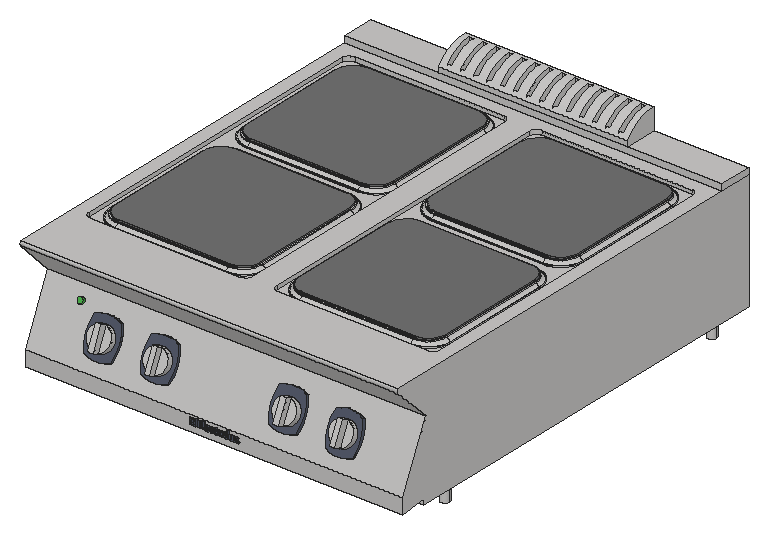
Revit family "QF_ELECTROLUXPROFESSIONAL_391040_E9ECEH4Q00", category Specialty Equipment, Revit 2018
Family settings
  Round Connector Dimension = Use Diameter
  Part Type = Normal
  Work Plane-Based = No
  Always vertical = Yes
  Cut with Voids When Loaded = No
  Shared = No
  Room Calculation Point = No
Parameters
  Width = 800 mm  # constant formula
  Weight in Pounds = 69  # constant formula
  Watts = 16000 VA  # 16000 W
  Volts = 400 V  # constant formula
  URL Cutsheet = "www.electrolux.com/foodservice"
  URL = "www.electrolux.com/foodservice"
  Type Mark [instance] = ""
  Status [instance] = ""
  Specification by User [instance] = ""
  Specification by Manufacturer = ""
  Show Logo [instance] = yes
  Show Clearance [instance] = yes
  Serial Number = ""
  Seismic Rating = ""
  SMACNA No = ""
  Revision Code [instance] = ""
  Phase = 3  # constant formula
  Omniclass Number and Title = ""
  Number of Poles [instance] = 1
  NAFEM Spec ID Number = ""
  Model = "391040"
  Min Ckt Ampacity = 0 A
  Max Overcurrent Protection = 0 A
  Masterspec = ""
  Manufacturer = "ELECTROLUX"
  Item Number [instance] = ""
  Installed By [instance] = ""
  Identify Quantity as Lot [instance] = yes
  Height = 333 mm  # constant formula
  HP = "21.5 HP"
  Furnished By [instance] = ""
  Foodservice Equipment Identifier [instance] = yes
  FL Amps = if(Phase = 3, Watts / (Volts * 1.73), Watts / Volts)  # 23.1214 A
  Electrical Remarks [instance] = "400 V/3N ph/50/60 Hz"  # constant formula
  Electric Connection Type [instance] = ""
  Elec Conn RI Height [instance] = 0 mm
  Elec Conn Connection Height [instance] = 0 mm
  Direct Waste Size = 0"
  Description = "900XP 4 ELECTRIC HOT BOILING TOP PLATES 4kW -400V"
  Depth = 930 mm  # constant formula
  Cycle = if([60 Hertz Option], 60 Hz, 50 Hz)  # 60 Hz
  Conn Plug = ""
  Conn Conduit = yes
  CSI MasterFormat = ""
  CSI Master Format = ""
  Base Height [instance] = 24 mm  # constant formula
  Apparent Power = if(Phase = 3, Volts * FL Amps * 1.73, Volts * FL Amps)  # 16000 VA
  60 Hertz Option = not([50 Hertz Option])  # yes
  50 Hertz Option = no
Reference planes
  plane 1 "BACK": y = 0
  plane 2: z = 0
  plane 3 "LEFT": x = 0
  plane 4 "RIGHT": x = 800
  plane 5 "FRONT": y = -930
  plane 6 "TOP": z = 333
  plane 7 "Center Y": x = 400
  plane 8 "Center X": y = -465
  plane 9 "BASE": z = 24
  plane 10 "TOP A": z = 275
  plane 11: y = -790
  plane 12: y = -915
  plane 13: y = -82
  plane 14: y = -609
  plane 15: y = -583
Forms (mm)
  Extrusion 1, solid, material "QF_Finishes_Stainless Steel"
    sketch origin (0, 0, 0) x (0, 1, 0) y (0, 0, 1)
      loop
        line (0, 275) -> (-928.041, 275)
        arc (-928.041, 275) -> (-929.999, 270.526) -> (-928.201, 265.985) r 6.35
        line (-928.201, 265.985) -> (-856.039, 191.809) -> (-915, 63.041) -> (-915, 30.789) -> (-859.023, 36.7) -> (-859.023, 24) -> (0, 24) -> (0, 275)
    from 0 to 800
  Extrusion 2, void
    sketch origin (0, -198.623, 273.238) x (-1, 0, 0) y (0, -1, 0)
      loop
        arc (-42.5, -101.089) -> (-31.893, -96.696) -> (-27.5, -86.089) r 15
        line (-27.5, -86.089) -> (-27.5, 583.262)
        arc (-27.5, 583.262) -> (-31.893, 593.868) -> (-42.5, 598.262) r 15
        line (-42.5, 598.262) -> (-359.751, 598.262)
        arc (-359.751, 598.262) -> (-370.358, 593.868) -> (-374.751, 583.262) r 15
        line (-374.751, 583.262) -> (-374.751, -86.089)
        arc (-374.751, -86.089) -> (-370.358, -96.696) -> (-359.751, -101.089) r 15
        line (-359.751, -101.089) -> (-42.5, -101.089)
      loop
        line (-757.5, -101.089) -> (-440.249, -101.089)
        arc (-440.249, -101.089) -> (-429.642, -96.696) -> (-425.249, -86.089) r 15
        line (-425.249, -86.089) -> (-425.249, 583.262)
        arc (-425.249, 583.262) -> (-429.642, 593.868) -> (-440.249, 598.262) r 15
        line (-440.249, 598.262) -> (-757.5, 598.262)
        arc (-757.5, 598.262) -> (-768.107, 593.868) -> (-772.5, 583.262) r 15
        line (-772.5, 583.262) -> (-772.5, -86.089)
        arc (-772.5, -86.089) -> (-768.107, -96.696) -> (-757.5, -101.089) r 15
    from 1.763 to -6.35
  Extrusion 3, solid, material "QF_Finishes_Stainless Steel"
    sketch origin (0, -198.623, 0) x (1, 0, 0) y (0, 1, 0)
      loop
        circle (11.112, 116.623) r 9.525
      loop
        circle (11.112, -591.377) r 9.525
      loop
        circle (788.887, 116.623) r 9.525
      loop
        circle (788.888, -591.377) r 9.525
    from 0 to 24
  Extrusion 4, solid, material "QF_Clearances", visible <- "Show Clearance", detail levels coarse
    sketch origin (0, -198.623, 0) x (1, 0, 0) y (0, 1, 0)
      loop
        line (0, -731.377) -> (0, 198.623) -> (800, 198.623) -> (800, -731.377) -> (900.019, -731.377) -> (900.019, 298.642) -> (-100.019, 298.642) -> (-100.019, -731.377) -> (0, -731.377)
    from 0 to 333
  Extrusion 5, solid, material "QF_Finishes_Stainless Steel"
    sketch origin (0, -198.623, 266.888) x (-1, 0, 0) y (0, -1, 0)
      loop
        arc (-86.725, 266.377) -> (-58.441, 278.092) -> (-46.725, 306.377) r 40
        line (-46.725, 306.377) -> (-46.725, 541.377)
        arc (-46.725, 541.377) -> (-58.441, 569.661) -> (-86.725, 581.377) r 40
        line (-86.725, 581.377) -> (-321.725, 581.377)
        arc (-321.725, 581.377) -> (-350.009, 569.661) -> (-361.725, 541.377) r 40
        line (-361.725, 541.377) -> (-361.725, 306.377)
        arc (-361.725, 306.377) -> (-350.009, 278.092) -> (-321.725, 266.377) r 40
        line (-321.725, 266.377) -> (-86.725, 266.377)
      loop
        line (-86.725, 230.796) -> (-321.725, 230.796)
        arc (-321.725, 230.796) -> (-350.009, 219.08) -> (-361.725, 190.796) r 40
        line (-361.725, 190.796) -> (-361.725, -44.204)
        arc (-361.725, -44.204) -> (-350.009, -72.488) -> (-321.725, -84.204) r 40
        line (-321.725, -84.204) -> (-86.725, -84.204)
        arc (-86.725, -84.204) -> (-58.441, -72.488) -> (-46.725, -44.204) r 40
        line (-46.725, -44.204) -> (-46.725, 190.796)
        arc (-46.725, 190.796) -> (-58.441, 219.08) -> (-86.725, 230.796) r 40
      loop
        line (-713.275, 266.377) -> (-478.275, 266.377)
        arc (-478.275, 266.377) -> (-449.991, 278.092) -> (-438.275, 306.377) r 40
        line (-438.275, 306.377) -> (-438.275, 541.377)
        arc (-438.275, 541.377) -> (-449.991, 569.661) -> (-478.275, 581.377) r 40
        line (-478.275, 581.377) -> (-713.275, 581.377)
        arc (-713.275, 581.377) -> (-741.559, 569.661) -> (-753.275, 541.377) r 40
        line (-753.275, 541.377) -> (-753.275, 306.377)
        arc (-753.275, 306.377) -> (-741.559, 278.092) -> (-713.275, 266.377) r 40
      loop
        arc (-713.275, 230.796) -> (-741.559, 219.08) -> (-753.275, 190.796) r 40
        line (-753.275, 190.796) -> (-753.275, -44.204)
        arc (-753.275, -44.204) -> (-741.559, -72.488) -> (-713.275, -84.204) r 40
        line (-713.275, -84.204) -> (-478.275, -84.204)
        arc (-478.275, -84.204) -> (-449.991, -72.488) -> (-438.275, -44.204) r 40
        line (-438.275, -44.204) -> (-438.275, 190.796)
        arc (-438.275, 190.796) -> (-449.991, 219.08) -> (-478.275, 230.796) r 40
        line (-478.275, 230.796) -> (-713.275, 230.796)
    from 0 to 10
  Sweep 6, solid, material "QF_Finishes_Stainless Steel"
    path origin (0, -198.623, 276.888) x (-1, 0, 0) y (0, -1, 0)
      loop
        line (-46.725, 306.377) -> (-46.725, 541.377)
        arc (-46.725, 541.377) -> (-58.441, 569.661) -> (-86.725, 581.377) r 40
        line (-86.725, 581.377) -> (-321.725, 581.377)
        arc (-321.725, 581.377) -> (-350.009, 569.661) -> (-361.725, 541.377) r 40
        line (-361.725, 541.377) -> (-361.725, 306.377)
        arc (-361.725, 306.377) -> (-350.009, 278.092) -> (-321.725, 266.377) r 40
        line (-321.725, 266.377) -> (-86.725, 266.377)
        arc (-86.725, 266.377) -> (-58.441, 278.092) -> (-46.725, 306.377) r 40
    profile origin (46.725, -622.5, 276.888) x (1, 0, 0) y (0, 0, 1)
      loop
        arc (0, -1.759) -> (-2.638, -5.472) -> (-6.35, -8.109) r 13.651
        line (-6.35, -8.109) -> (-8.064, -8.109) -> (-8.064, -10) -> (0, -10) -> (0, -1.759)
  Sweep 7, solid, material "QF_Finishes_Stainless Steel"
    path origin (0, 151.957, 276.888) x (-1, 0, 0) y (0, -1, 0)
      loop
        line (-46.725, 306.377) -> (-46.725, 541.377)
        arc (-46.725, 541.377) -> (-58.441, 569.661) -> (-86.725, 581.377) r 40
        line (-86.725, 581.377) -> (-321.725, 581.377)
        arc (-321.725, 581.377) -> (-350.009, 569.661) -> (-361.725, 541.377) r 40
        line (-361.725, 541.377) -> (-361.725, 306.377)
        arc (-361.725, 306.377) -> (-350.009, 278.092) -> (-321.725, 266.377) r 40
        line (-321.725, 266.377) -> (-86.725, 266.377)
        arc (-86.725, 266.377) -> (-58.441, 278.092) -> (-46.725, 306.377) r 40
    profile origin (46.725, -271.919, 276.888) x (1, 0, 0) y (0, 0, 1)
      loop
        arc (0, -1.759) -> (-2.638, -5.472) -> (-6.35, -8.109) r 13.651
        line (-6.35, -8.109) -> (-8.064, -8.109) -> (-8.064, -10) -> (0, -10) -> (0, -1.759)
  Extrusion 8, solid, material "QF_Finishes_Rubber Black"
    sketch origin (0, -198.623, 276.888) x (-1, 0, 0) y (0, -1, 0)
      loop
        arc (-49.725, 190.796) -> (-60.562, 216.959) -> (-86.725, 227.796) r 37
        line (-86.725, 227.796) -> (-321.725, 227.796)
        arc (-321.725, 227.796) -> (-347.888, 216.959) -> (-358.725, 190.796) r 37
        line (-358.725, 190.796) -> (-358.725, -44.204)
        arc (-358.725, -44.204) -> (-347.888, -70.367) -> (-321.725, -81.204) r 37
        line (-321.725, -81.204) -> (-86.725, -81.204)
        arc (-86.725, -81.204) -> (-60.562, -70.367) -> (-49.725, -44.204) r 37
        line (-49.725, -44.204) -> (-49.725, 190.796)
      loop
        arc (-86.725, 269.377) -> (-60.562, 280.214) -> (-49.725, 306.377) r 37
        line (-49.725, 306.377) -> (-49.725, 541.377)
        arc (-49.725, 541.377) -> (-60.562, 567.54) -> (-86.725, 578.377) r 37
        line (-86.725, 578.377) -> (-321.725, 578.377)
        arc (-321.725, 578.377) -> (-347.888, 567.54) -> (-358.725, 541.377) r 37
        line (-358.725, 541.377) -> (-358.725, 306.377)
        arc (-358.725, 306.377) -> (-347.888, 280.214) -> (-321.725, 269.377) r 37
        line (-321.725, 269.377) -> (-86.725, 269.377)
      loop
        line (-750.275, 190.796) -> (-750.275, -44.204)
        arc (-750.275, -44.204) -> (-739.438, -70.367) -> (-713.275, -81.204) r 37
        line (-713.275, -81.204) -> (-478.275, -81.204)
        arc (-478.275, -81.204) -> (-452.112, -70.367) -> (-441.275, -44.204) r 37
        line (-441.275, -44.204) -> (-441.275, 190.796)
        arc (-441.275, 190.796) -> (-452.112, 216.959) -> (-478.275, 227.796) r 37
        line (-478.275, 227.796) -> (-713.275, 227.796)
        arc (-713.275, 227.796) -> (-739.438, 216.959) -> (-750.275, 190.796) r 37
      loop
        line (-713.275, 269.377) -> (-478.275, 269.377)
        arc (-478.275, 269.377) -> (-452.112, 280.214) -> (-441.275, 306.377) r 37
        line (-441.275, 306.377) -> (-441.275, 541.377)
        arc (-441.275, 541.377) -> (-452.112, 567.54) -> (-478.275, 578.377) r 37
        line (-478.275, 578.377) -> (-713.275, 578.377)
        arc (-713.275, 578.377) -> (-739.438, 567.54) -> (-750.275, 541.377) r 37
        line (-750.275, 541.377) -> (-750.275, 306.377)
        arc (-750.275, 306.377) -> (-739.438, 280.214) -> (-713.275, 269.377) r 37
    from 0 to 2
  Extrusion 9, solid, material "QF_Finishes_Green"
    sketch origin (0, -915, 63.041) x (0, 0.416318, 0.909219) y (-1, 0, 0)
      loop
        circle (111.946, -80.648) r 6.35
    from 0 to 3.175
  Extrusion 10, solid, material "QF_Finishes_Stainless Steel"
    sketch origin (-24.783, -926.544, 74) x (0, 0.421077, 0.907025) y (-1, 0, 0)
      loop
        arc (85.433, -567.049) -> (86.101, -561.263) -> (85.433, -555.477) r 25.4
        line (85.433, -555.477) -> (35.969, -555.477)
        arc (35.969, -555.477) -> (35.301, -561.263) -> (35.969, -567.049) r 25.4
        line (35.969, -567.049) -> (85.433, -567.049)
      loop
        arc (85.433, -687.049) -> (86.101, -681.263) -> (85.433, -675.477) r 25.4
        line (85.433, -675.477) -> (35.969, -675.477)
        arc (35.969, -675.477) -> (35.301, -681.263) -> (35.969, -687.049) r 25.4
        line (35.969, -687.049) -> (85.433, -687.049)
      loop
        line (85.433, -282.517) -> (35.969, -282.517)
        arc (35.969, -282.517) -> (35.301, -288.303) -> (35.969, -294.089) r 25.4
        line (35.969, -294.089) -> (85.433, -294.089)
        arc (85.433, -294.089) -> (86.101, -288.303) -> (85.433, -282.517) r 25.4
      loop
        line (85.433, -162.517) -> (35.969, -162.517)
        arc (35.969, -162.517) -> (35.301, -168.303) -> (35.969, -174.089) r 25.4
        line (35.969, -174.089) -> (85.433, -174.089)
        arc (85.433, -174.089) -> (86.101, -168.303) -> (85.433, -162.517) r 25.4
    from 0 to 12.7
  Extrusion 11, solid, material "QF_Finishes_Stainless Steel"
    sketch origin (417.5, -915.025, 66.777) x (0, 0.421077, 0.907025) y (-1, 0, 0)
      loop
        circle (62.576, -119.037) r 25.4
      loop
        circle (62.576, -239.037) r 25.4
      loop
        circle (62.576, 154.037) r 25.4
      loop
        circle (62.576, 274.037) r 25.4
    from 0 to 12.7
  Extrusion 12, solid, material "QF_Finishes_Stainless Steel"
    sketch origin (0, -300.223, 24) x (-1, 0, 0) y (0, 1, 0)
      loop
        circle (-649, -308.777) r 12.7
    from 0 to 12.7
  Extrusion 13, solid, material "QF_Finishes_Stainless Steel"
    sketch origin (0, -300.223, 24) x (-1, 0, 0) y (0, 1, 0)
      loop
        circle (-739, -282.777) r 12.7
    from 0 to 12.7
  Extrusion 14, solid, material "QF_Finishes_Navy Blue - Electrolux"
    sketch origin (0, -915, 63.041) x (0, 0.416318, 0.909219) y (-1, 0, 0)
      loop
        arc (103.364, -507.24) -> (68.487, -500.223) -> (33.619, -507.285) r 89.894
        arc (33.619, -507.285) -> (26.924, -535.815) -> (33.619, -564.346) r 64.14
        arc (33.619, -564.346) -> (68.487, -571.411) -> (103.364, -564.39) r 89.853
        arc (103.364, -564.39) -> (110.078, -535.815) -> (103.364, -507.24) r 64.16
      loop
        arc (100.864, -627.597) -> (65.987, -620.58) -> (31.119, -627.641) r 89.894
        arc (31.119, -627.641) -> (24.424, -656.172) -> (31.119, -684.703) r 64.14
        arc (31.119, -684.703) -> (65.987, -691.768) -> (100.864, -684.747) r 89.853
        arc (100.864, -684.747) -> (107.578, -656.172) -> (100.864, -627.597) r 64.16
      loop
        arc (103.364, -292.76) -> (110.078, -264.185) -> (103.364, -235.61) r 64.16
        arc (103.364, -235.61) -> (68.487, -228.589) -> (33.619, -235.654) r 89.853
        arc (33.619, -235.654) -> (26.924, -264.185) -> (33.619, -292.715) r 64.14
        arc (33.619, -292.715) -> (68.487, -299.777) -> (103.364, -292.76) r 89.894
      loop
        arc (100.864, -172.403) -> (107.578, -143.828) -> (100.864, -115.253) r 64.16
        arc (100.864, -115.253) -> (65.987, -108.232) -> (31.119, -115.297) r 89.853
        arc (31.119, -115.297) -> (24.424, -143.828) -> (31.119, -172.359) r 64.14
        arc (31.119, -172.359) -> (65.987, -179.42) -> (100.864, -172.403) r 89.894
    from 0 to 4
  Extrusion 15, solid, material "QF_Finishes_Stainless Steel"
    sketch origin (200, 0, 0) x (0, 1, 0) y (0, 0, 1)
      loop
        line (0, 287.778) -> (0, 333.762)
        arc (0, 333.762) -> (-38.885, 325.372) -> (-69.85, 300.4) r 86.116
        line (-69.85, 300.4) -> (-69.85, 287.778) -> (0, 287.778)
    from 0 to 400
  Extrusion 16, void
    sketch origin (200, 0, 273.237) x (-1, 0, 0) y (0, -1, 0)
      loop
        line (-13.453, 6.761) -> (-13.453, 63.911) -> (-22.749, 63.911) -> (-22.749, 6.761) -> (-13.453, 6.761)
    from 25.4 to 63.5
  Extrusion 17, void
    sketch origin (600.05, 0, 273.237) x (1, 0, 0) y (0, 1, 0)
      loop
        line (-13.503, -6.761) -> (-22.799, -6.761) -> (-22.799, -63.911) -> (-13.503, -63.911) -> (-13.503, -6.761)
    from 25.4 to 63.5
  Extrusion 18, void
    sketch origin (227.988, 0, 273.237) x (-1, 0, 0) y (0, -1, 0)
      loop
        line (-13.453, 6.761) -> (-13.453, 63.911) -> (-22.749, 63.911) -> (-22.749, 6.761) -> (-13.453, 6.761)
    from 25.4 to 63.5
  Extrusion 19, void
    sketch origin (255.977, 0, 273.237) x (-1, 0, 0) y (0, -1, 0)
      loop
        line (-13.453, 6.761) -> (-13.453, 63.911) -> (-22.749, 63.911) -> (-22.749, 6.761) -> (-13.453, 6.761)
    from 25.4 to 63.5
  Extrusion 20, void
    sketch origin (283.965, 0, 273.237) x (-1, 0, 0) y (0, -1, 0)
      loop
        line (-13.428, 6.761) -> (-13.428, 63.911) -> (-22.724, 63.911) -> (-22.724, 6.761) -> (-13.428, 6.761)
    from 25.4 to 63.5
  Extrusion 21, void
    sketch origin (311.953, 0, 273.237) x (-1, 0, 0) y (0, -1, 0)
      loop
        line (-13.428, 6.761) -> (-13.428, 63.911) -> (-22.724, 63.911) -> (-22.724, 6.761) -> (-13.428, 6.761)
    from 25.4 to 63.5
  Extrusion 22, void
    sketch origin (339.942, 0, 273.237) x (-1, 0, 0) y (0, -1, 0)
      loop
        line (-13.428, 6.761) -> (-13.428, 63.911) -> (-22.724, 63.911) -> (-22.724, 6.761) -> (-13.428, 6.761)
    from 25.4 to 63.5
  Extrusion 23, void
    sketch origin (367.93, 0, 273.237) x (-1, 0, 0) y (0, -1, 0)
      loop
        line (-13.428, 6.761) -> (-13.428, 63.911) -> (-22.724, 63.911) -> (-22.724, 6.761) -> (-13.428, 6.761)
    from 25.4 to 63.5
  Extrusion 24, void
    sketch origin (395.918, 0, 273.237) x (-1, 0, 0) y (0, -1, 0)
      loop
        line (-13.428, 6.761) -> (-13.428, 63.911) -> (-22.724, 63.911) -> (-22.724, 6.761) -> (-13.428, 6.761)
    from 25.4 to 63.5
  Extrusion 25, void
    sketch origin (423.907, 0, 273.237) x (-1, 0, 0) y (0, -1, 0)
      loop
        line (-13.428, 6.761) -> (-13.428, 63.911) -> (-22.724, 63.911) -> (-22.724, 6.761) -> (-13.428, 6.761)
    from 25.4 to 63.5
  Extrusion 26, void
    sketch origin (451.895, 0, 273.237) x (-1, 0, 0) y (0, -1, 0)
      loop
        line (-13.428, 6.761) -> (-13.428, 63.911) -> (-22.724, 63.911) -> (-22.724, 6.761) -> (-13.428, 6.761)
    from 25.4 to 63.5
  Extrusion 27, void
    sketch origin (479.884, 0, 273.237) x (-1, 0, 0) y (0, -1, 0)
      loop
        line (-13.403, 6.761) -> (-13.403, 63.911) -> (-22.699, 63.911) -> (-22.699, 6.761) -> (-13.403, 6.761)
    from 25.4 to 63.5
  Extrusion 28, void
    sketch origin (507.872, 0, 273.237) x (-1, 0, 0) y (0, -1, 0)
      loop
        line (-13.403, 6.761) -> (-13.403, 63.911) -> (-22.699, 63.911) -> (-22.699, 6.761) -> (-13.403, 6.761)
    from 25.4 to 63.5
  Extrusion 29, void
    sketch origin (535.86, 0, 273.237) x (-1, 0, 0) y (0, -1, 0)
      loop
        line (-13.403, 6.761) -> (-13.403, 63.911) -> (-22.699, 63.911) -> (-22.699, 6.761) -> (-13.403, 6.761)
    from 25.4 to 63.5
  Sweep 30, solid, material "QF_Finishes_Stainless Steel"
    path origin (800, -198.623, 276.887) x (1, 0, 0) y (0, 1, 0)
      loop
        arc (-46.725, -306.377) -> (-58.441, -278.092) -> (-86.725, -266.377) r 40
        line (-86.725, -266.377) -> (-321.725, -266.377)
        arc (-321.725, -266.377) -> (-350.009, -278.092) -> (-361.725, -306.377) r 40
        line (-361.725, -306.377) -> (-361.725, -541.377)
        arc (-361.725, -541.377) -> (-350.009, -569.661) -> (-321.725, -581.377) r 40
        line (-321.725, -581.377) -> (-86.725, -581.377)
        arc (-86.725, -581.377) -> (-58.441, -569.661) -> (-46.725, -541.377) r 40
        line (-46.725, -541.377) -> (-46.725, -306.377)
    profile origin (753.275, -622.5, 276.888) x (1, 0, 0) y (0, 0, 1)
      loop
        line (0, -1.759) -> (0, -10) -> (8.064, -10) -> (8.064, -8.109) -> (6.35, -8.109)
        arc (6.35, -8.109) -> (2.638, -5.472) -> (0, -1.759) r 13.651
  Sweep 31, solid, material "QF_Finishes_Stainless Steel"
    path origin (800, 151.957, 276.887) x (1, 0, 0) y (0, 1, 0)
      loop
        arc (-46.725, -306.377) -> (-58.441, -278.092) -> (-86.725, -266.377) r 40
        line (-86.725, -266.377) -> (-321.725, -266.377)
        arc (-321.725, -266.377) -> (-350.009, -278.092) -> (-361.725, -306.377) r 40
        line (-361.725, -306.377) -> (-361.725, -541.377)
        arc (-361.725, -541.377) -> (-350.009, -569.661) -> (-321.725, -581.377) r 40
        line (-321.725, -581.377) -> (-86.725, -581.377)
        arc (-86.725, -581.377) -> (-58.441, -569.661) -> (-46.725, -541.377) r 40
        line (-46.725, -541.377) -> (-46.725, -306.377)
    profile origin (753.275, -271.919, 276.888) x (1, 0, 0) y (0, 0, 1)
      loop
        line (0, -1.759) -> (0, -10) -> (8.064, -10) -> (8.064, -8.109) -> (6.35, -8.109)
        arc (6.35, -8.109) -> (2.638, -5.472) -> (0, -1.759) r 13.651
  Extrusion 32, solid, material "QF_Finishes_Navy Blue", visible <- "Show Logo"
    sketch origin (0, -915, 31.09) x (0, 0, 1) y (-1, 0, 0)
      loop
        line (27.074, -357.34) -> (14.707, -357.34)
        arc (14.707, -357.34) -> (20.891, -361.912) -> (27.074, -357.34) r 6.467
      loop
        arc (27.074, -356.711) -> (25.905, -351.568) -> (21.249, -349.09) r 6.338
        line (21.249, -349.09) -> (21.249, -351.136)
        arc (21.249, -351.136) -> (22.733, -354.791) -> (26.178, -356.711) r 5.941
        line (26.178, -356.711) -> (27.074, -356.711)
      loop
        arc (15.603, -356.711) -> (19.048, -354.791) -> (20.532, -351.136) r 5.941
        line (20.532, -351.136) -> (20.532, -349.09)
        arc (20.532, -349.09) -> (15.838, -351.564) -> (14.548, -356.711) r 6.504
        line (14.548, -356.711) -> (15.603, -356.711)
      loop
        line (27.749, -348.621) -> (14.004, -348.621) -> (14.004, -362.384) -> (27.749, -362.384) -> (27.749, -348.621)
      loop
        arc (27.832, -365.352) -> (27.485, -364.994) -> (27.118, -365.332) r 0.358
        arc (27.118, -365.332) -> (26.804, -366.082) -> (26.087, -366.467) r 1.216
        line (26.087, -366.467) -> (15.674, -366.467)
        arc (15.674, -366.467) -> (15.014, -366.19) -> (14.618, -365.593) r 1.238
        arc (14.618, -365.593) -> (14.223, -365.342) -> (13.918, -365.696) r 0.358
        line (13.918, -365.696) -> (13.918, -375.575) -> (16.669, -375.575) -> (16.669, -374.678)
        arc (16.669, -374.678) -> (15.76, -374.098) -> (15.304, -373.121) r 1.928
        line (15.304, -373.121) -> (15.304, -370.622)
        arc (15.304, -370.622) -> (15.58, -369.893) -> (16.268, -369.529) r 1.101
        line (16.268, -369.529) -> (20.355, -369.529) -> (20.355, -373.203)
        arc (20.355, -373.203) -> (20.002, -373.7) -> (19.437, -373.928) r 1.083
        arc (19.437, -373.928) -> (19.173, -374.233) -> (19.465, -374.511) r 0.292
        line (19.465, -374.511) -> (22.428, -374.511)
        arc (22.428, -374.511) -> (22.73, -374.238) -> (22.492, -373.908) r 0.305
        arc (22.492, -373.908) -> (22.001, -373.66) -> (21.696, -373.203) r 1.083
        line (21.696, -373.203) -> (21.696, -369.529) -> (26.373, -369.529) -> (26.373, -373.277)
        arc (26.373, -373.277) -> (26.159, -374.032) -> (25.553, -374.53) r 1.314
        arc (25.553, -374.53) -> (25.334, -374.934) -> (25.688, -375.227) r 0.361
        line (25.688, -375.227) -> (27.832, -375.227) -> (27.832, -365.352)
      loop
        arc (27.115, -376.007) -> (26.735, -376.926) -> (25.816, -377.306) r 1.299
        line (25.816, -377.306) -> (16.237, -377.306)
        arc (16.237, -377.306) -> (15.399, -376.928) -> (15.128, -376.05) r 1.118
        line (15.128, -376.05) -> (13.918, -376.05) -> (13.918, -381.4) -> (15.106, -381.4)
        arc (15.106, -381.4) -> (15.378, -380.483) -> (16.248, -380.087) r 1.153
        line (16.248, -380.087) -> (28.32, -380.087) -> (27.115, -376.007)
      loop
        line (18.883, -384.036) -> (18.883, -390.484) -> (19.682, -390.484)
        arc (19.682, -390.484) -> (22.262, -389.499) -> (23.531, -387.046) r 3.874
        line (23.531, -387.046) -> (23.531, -385.285)
        arc (23.531, -385.285) -> (22.344, -382.42) -> (19.48, -381.234) r 4.051
        line (19.48, -381.234) -> (17.472, -381.234)
        arc (17.472, -381.234) -> (14.653, -382.719) -> (13.602, -385.726) r 4.352
        arc (13.602, -385.726) -> (13.966, -388.189) -> (15.343, -390.264) r 5.713
        line (15.343, -390.264) -> (16.292, -390.264)
        arc (16.292, -390.264) -> (15.56, -388.694) -> (15.343, -386.976) r 5.579
        arc (15.343, -386.976) -> (16.137, -385.013) -> (18.016, -384.036) r 3.057
        line (18.016, -384.036) -> (18.883, -384.036)
      loop
        line (20.142, -384.036) -> (20.142, -387.619)
        arc (20.142, -387.619) -> (21.599, -387.666) -> (22.482, -386.506) r 1.59
        line (22.482, -386.506) -> (22.482, -385.676)
        arc (22.482, -385.676) -> (21.617, -384.421) -> (20.142, -384.036) r 2.184
      loop
        arc (22.933, -399.901) -> (23.422, -398.227) -> (23.579, -396.49) r 9.023
        line (23.579, -396.49) -> (23.579, -395.128)
        arc (23.579, -395.128) -> (22.42, -392.328) -> (19.62, -391.169) r 3.959
        line (19.62, -391.169) -> (17.02, -391.169)
        arc (17.02, -391.169) -> (14.738, -392.461) -> (13.621, -394.834) r 4.331
        line (13.621, -394.834) -> (13.621, -396.969)
        arc (13.621, -396.969) -> (14.129, -398.519) -> (15.051, -399.865) r 5.772
        arc (15.051, -399.865) -> (15.812, -399.916) -> (15.899, -399.157) r 0.553
        arc (15.899, -399.157) -> (15.511, -398.423) -> (15.377, -397.604) r 2.573
        line (15.377, -397.604) -> (15.377, -396.089)
        arc (15.377, -396.089) -> (16.383, -394.448) -> (18.198, -393.805) r 2.884
        line (18.198, -393.805) -> (19.477, -393.805)
        arc (19.477, -393.805) -> (21.298, -394.365) -> (22.224, -396.03) r 2.554
        line (22.224, -396.03) -> (22.224, -397.083)
        arc (22.224, -397.083) -> (21.893, -398.011) -> (21.236, -398.746) r 2.564
        arc (21.236, -398.746) -> (21.014, -399.463) -> (21.623, -399.901) r 0.643
        line (21.623, -399.901) -> (22.933, -399.901)
      loop
        line (21.915, -400.172) -> (21.915, -401.673) -> (15.867, -401.673)
        arc (15.867, -401.673) -> (14.279, -402.33) -> (13.621, -403.918) r 2.246
        line (13.621, -403.918) -> (13.621, -405.502)
        arc (13.621, -405.502) -> (13.935, -406.367) -> (14.435, -407.138) r 4.06
        arc (14.435, -407.138) -> (15.168, -407.271) -> (15.419, -406.57) r 0.576
        arc (15.419, -406.57) -> (15.313, -406.045) -> (15.377, -405.512) r 1.69
        arc (15.377, -405.512) -> (15.919, -404.724) -> (16.825, -404.421) r 1.506
        line (16.825, -404.421) -> (21.963, -404.421) -> (21.963, -406.818) -> (22.519, -407.375) -> (23.341, -407.375) -> (23.341, -404.515) -> (26.572, -404.515) -> (21.915, -400.172)
      loop
        line (13.838, -408.272) -> (13.838, -413.659) -> (14.948, -413.659)
        arc (14.948, -413.659) -> (15.342, -412.708) -> (16.293, -412.314) r 1.345
        line (16.293, -412.314) -> (19.909, -412.314)
        arc (19.909, -412.314) -> (20.674, -412.906) -> (20.964, -413.828) r 1.615
        line (20.964, -413.828) -> (20.964, -415.384) -> (23.519, -416.069) -> (23.519, -414.686) -> (21.577, -412.127) -> (23.457, -412.127) -> (23.173, -409.421)
        arc (23.173, -409.421) -> (22.733, -408.891) -> (22.074, -409.092) r 0.621
        arc (22.074, -409.092) -> (21.674, -409.434) -> (21.18, -409.617) r 1.501
        line (21.18, -409.617) -> (16.293, -409.617)
        arc (16.293, -409.617) -> (15.342, -409.223) -> (14.948, -408.272) r 1.345
        line (14.948, -408.272) -> (13.838, -408.272)
      loop
        line (19.94, -415.606) -> (17.248, -415.606)
        arc (17.248, -415.606) -> (14.803, -416.914) -> (13.669, -419.445) r 4.288
        arc (13.669, -419.445) -> (13.605, -420.825) -> (13.669, -422.205) r 15.022
        arc (13.669, -422.205) -> (14.803, -424.736) -> (17.248, -426.043) r 4.288
        line (17.248, -426.043) -> (19.94, -426.043)
        arc (19.94, -426.043) -> (22.386, -424.736) -> (23.519, -422.205) r 4.288
        arc (23.519, -422.205) -> (23.583, -420.825) -> (23.519, -419.445) r 15.022
        arc (23.519, -419.445) -> (22.386, -416.914) -> (19.94, -415.606) r 4.288
      loop
        line (20.145, -418.721) -> (17.043, -418.721)
        arc (17.043, -418.721) -> (14.886, -420.877) -> (17.043, -423.034) r 2.157
        line (17.043, -423.034) -> (20.145, -423.034)
        arc (20.145, -423.034) -> (22.302, -420.877) -> (20.145, -418.721) r 2.157
      loop
        arc (27.126, -425.902) -> (26.755, -426.796) -> (25.861, -427.166) r 1.264
        line (25.861, -427.166) -> (15.997, -427.166)
        arc (15.997, -427.166) -> (15.127, -426.769) -> (14.855, -425.853) r 1.153
        line (14.855, -425.853) -> (13.918, -425.853) -> (13.918, -430.961) -> (14.846, -430.961)
        arc (14.846, -430.961) -> (15.205, -430.189) -> (15.997, -429.874) r 1.153
        line (15.997, -429.874) -> (28.32, -429.874) -> (27.126, -425.902)
      loop
        arc (22.246, -430.499) -> (22.047, -431.563) -> (21.078, -432.045) r 1.215
        line (21.078, -432.045) -> (16.058, -432.045)
        arc (16.058, -432.045) -> (14.443, -432.693) -> (13.722, -434.276) r 2.338
        line (13.722, -434.276) -> (13.722, -435.79)
        arc (13.722, -435.79) -> (13.897, -436.794) -> (14.399, -437.68) r 2.979
        line (14.399, -437.68) -> (13.918, -439.477) -> (13.918, -441.166) -> (23.343, -441.166) -> (23.049, -436.962) -> (22.263, -436.962)
        arc (22.263, -436.962) -> (21.907, -437.798) -> (21.155, -438.307) r 1.605
        line (21.155, -438.307) -> (16.052, -438.307)
        arc (16.052, -438.307) -> (15.632, -437.37) -> (15.559, -436.346) r 2.94
        arc (15.559, -436.346) -> (16.12, -435.245) -> (17.273, -434.802) r 1.724
        line (17.273, -434.802) -> (23.47, -434.802) -> (22.246, -430.499)
      loop
        line (23.274, -442.019) -> (21.602, -444.065) -> (18.428, -446.371) -> (14.972, -443.259)
        arc (14.972, -443.259) -> (14.735, -442.865) -> (14.757, -442.406) r 0.789
        line (14.757, -442.406) -> (13.918, -442.406) -> (13.918, -445.951) -> (14.744, -445.951)
        arc (14.744, -445.951) -> (15.086, -445.589) -> (15.576, -445.681) r 0.52
        line (15.576, -445.681) -> (17.376, -447.152) -> (15.258, -448.528)
        arc (15.258, -448.528) -> (14.857, -448.218) -> (14.77, -447.718) r 0.7
        line (14.77, -447.718) -> (13.918, -447.718) -> (13.918, -453.645) -> (14.805, -453.645)
        arc (14.805, -453.645) -> (14.872, -452.986) -> (15.266, -452.455) r 1.247
        line (15.266, -452.455) -> (19.466, -449.174) -> (21.913, -451.227) -> (23.274, -452.969) -> (23.274, -449.246) -> (21.789, -449.668) -> (20.268, -448.391) -> (21.968, -447.201) -> (23.274, -447.978) -> (23.274, -442.019)
    from 0 to 1.644
  Extrusion 33, solid, material "QF_Finishes_Stainless Steel"
    sketch origin (800, 0, 0) x (0, 1, 0) y (0, 0, 1)
      loop
        line (-69.85, 275) -> (0, 275) -> (0, 287.778) -> (-69.85, 287.778) -> (-69.85, 275)
    from 0 to -800
Cuts and joins
  Extrusion 2 cuts Extrusion 1
  Extrusion 2 cuts Extrusion 5
  Extrusion 16, Extrusion 17, Extrusion 18, Extrusion 19, Extrusion 20, Extrusion 21, Extrusion 22, Extrusion 23, Extrusion 24, Extrusion 25, Extrusion 26, Extrusion 27, Extrusion 28, Extrusion 29 cuts Extrusion 15
Lines and regions (mm)
  symbolic lines, style "QF_Clearances", visible <- "Show Clearance", detail levels coarse
    curve 1: line (-100.019, 100.019, 275) -> (-100.019, -930, 275)
    curve 2: line (900.019, 100.019, 275) -> (-100.019, 100.019, 275)
    curve 3: line (900.019, -930, 275) -> (900.019, 100.019, 275)
  symbolic lines
    curve 4: line (400, -930, 275) -> (0, -930, 275)
    curve 5: line (27.5, -781.885, 266.888) -> (27.5, -112.534, 266.888)
    curve 6: line (42.5, -97.534, 266.888) -> (359.751, -97.534, 266.887)
    curve 7: line (374.751, -112.534, 266.887) -> (374.751, -781.885, 266.887)
    curve 8: line (359.751, -796.885, 266.887) -> (42.5, -796.885, 266.888)
    curve 9: arc (42.5, -97.534, 266.888) -> (31.893, -101.928, 266.888) -> (27.5, -112.534, 266.888) r 15
    curve 10: arc (374.751, -112.534, 266.887) -> (370.358, -101.928, 266.887) -> (359.751, -97.534, 266.887) r 15
    curve 11: arc (359.751, -796.885, 266.887) -> (370.358, -792.492, 266.887) -> (374.751, -781.885, 266.887) r 15
    curve 12: arc (27.5, -781.885, 266.888) -> (31.893, -792.492, 266.888) -> (42.5, -796.885, 266.888) r 15
    curve 13: arc (86.725, -117.419, 266.888) -> (60.562, -128.256, 266.888) -> (49.725, -154.419, 266.888) r 37
    curve 14: line (49.725, -154.419, 266.888) -> (49.725, -389.419, 266.888)
    curve 15: arc (49.725, -389.419, 266.888) -> (60.562, -415.582, 266.888) -> (86.725, -426.419, 266.888) r 37
    curve 16: line (86.725, -426.419, 266.888) -> (321.725, -426.419, 266.887)
    curve 17: arc (321.725, -426.419, 266.887) -> (347.888, -415.582, 266.887) -> (358.725, -389.419, 266.887) r 37
    curve 18: line (358.725, -389.419, 266.887) -> (358.725, -154.419, 266.887)
    curve 19: arc (358.725, -154.419, 266.887) -> (347.888, -128.256, 266.887) -> (321.725, -117.419, 266.887) r 37
    curve 20: line (321.725, -117.419, 266.887) -> (86.725, -117.419, 266.888)
    curve 21: arc (86.725, -114.419, 266.888) -> (58.441, -126.135, 266.888) -> (46.725, -154.419, 266.888) r 40
    curve 22: line (46.725, -154.419, 266.888) -> (46.725, -389.419, 266.888)
    curve 23: arc (46.725, -389.419, 266.888) -> (58.441, -417.704, 266.888) -> (86.725, -429.419, 266.888) r 40
    curve 24: line (86.725, -429.419, 266.888) -> (321.725, -429.419, 266.887)
    curve 25: arc (321.725, -429.419, 266.887) -> (350.009, -417.704, 266.887) -> (361.725, -389.419, 266.887) r 40
    curve 26: line (361.725, -389.419, 266.887) -> (361.725, -154.419, 266.887)
    curve 27: arc (361.725, -154.419, 266.887) -> (350.009, -126.135, 266.887) -> (321.725, -114.419, 266.887) r 40
    curve 28: line (321.725, -114.419, 266.887) -> (86.725, -114.419, 266.888)
    curve 29: arc (40.375, -154.419, 266.888) -> (53.951, -121.645, 266.888) -> (86.725, -108.069, 266.888) r 46.35
    curve 30: line (86.725, -108.069, 266.888) -> (321.725, -108.069, 266.887)
    curve 31: arc (321.725, -108.069, 266.887) -> (354.499, -121.645, 266.887) -> (368.075, -154.419, 266.887) r 46.35
    curve 32: line (368.075, -154.419, 266.887) -> (368.075, -389.419, 266.887)
    curve 33: arc (368.075, -389.419, 266.887) -> (354.499, -422.194, 266.887) -> (321.725, -435.769, 266.887) r 46.35
    curve 34: line (321.725, -435.769, 266.887) -> (86.725, -435.769, 266.888)
    curve 35: arc (86.725, -435.769, 266.888) -> (53.951, -422.194, 266.888) -> (40.375, -389.419, 266.888) r 46.35
    curve 36: line (40.375, -389.419, 266.888) -> (40.375, -154.419, 266.888)
    curve 37: arc (86.725, -106.355, 266.888) -> (52.738, -120.433, 266.888) -> (38.661, -154.419, 266.888) r 48.064
    curve 38: line (38.661, -154.419, 266.888) -> (38.661, -389.419, 266.888)
    curve 39: arc (38.661, -389.419, 266.888) -> (52.738, -423.406, 266.888) -> (86.725, -437.484, 266.888) r 48.064
    curve 40: line (86.725, -437.484, 266.888) -> (321.725, -437.484, 266.887)
    curve 41: arc (321.725, -437.484, 266.887) -> (355.712, -423.406, 266.887) -> (369.789, -389.419, 266.887) r 48.064
    curve 42: line (369.789, -389.419, 266.887) -> (369.789, -154.419, 266.887)
    curve 43: arc (369.789, -154.419, 266.887) -> (355.712, -120.433, 266.887) -> (321.725, -106.355, 266.887) r 48.064
    curve 44: line (321.725, -106.355, 266.887) -> (86.725, -106.355, 266.888)
    curve 45: arc (86.725, -465, 266.888) -> (58.441, -476.716, 266.888) -> (46.725, -505, 266.888) r 40
    curve 46: line (46.725, -505, 266.888) -> (46.725, -740, 266.888)
    curve 47: arc (46.725, -740, 266.888) -> (58.441, -768.284, 266.888) -> (86.725, -780, 266.888) r 40
    curve 48: line (86.725, -780, 266.888) -> (321.725, -780, 266.887)
    curve 49: arc (321.725, -780, 266.887) -> (350.009, -768.284, 266.887) -> (361.725, -740, 266.887) r 40
    curve 50: line (361.725, -740, 266.887) -> (361.725, -505, 266.887)
    curve 51: arc (361.725, -505, 266.887) -> (350.009, -476.716, 266.887) -> (321.725, -465, 266.887) r 40
    curve 52: line (321.725, -465, 266.887) -> (86.725, -465, 266.888)
    curve 53: arc (86.725, -468, 266.888) -> (60.562, -478.837, 266.888) -> (49.725, -505, 266.888) r 37
    curve 54: line (49.725, -505, 266.888) -> (49.725, -740, 266.888)
    curve 55: arc (49.725, -740, 266.888) -> (60.562, -766.163, 266.888) -> (86.725, -777, 266.888) r 37
    curve 56: line (86.725, -777, 266.888) -> (321.725, -777, 266.887)
    curve 57: arc (321.725, -777, 266.887) -> (347.888, -766.163, 266.887) -> (358.725, -740, 266.887) r 37
    curve 58: line (358.725, -740, 266.887) -> (358.725, -505, 266.887)
    curve 59: arc (358.725, -505, 266.887) -> (347.888, -478.837, 266.887) -> (321.725, -468, 266.887) r 37
    curve 60: line (321.725, -468, 266.887) -> (86.725, -468, 266.888)
    curve 61: line (0, -930, 266.888) -> (0, 0, 266.888)
    curve 62: line (222.724, -6.761, 275) -> (222.724, -63.911, 275)
    curve 63: line (222.724, -63.911, 275) -> (213.428, -63.911, 275)
    curve 64: line (213.428, -63.911, 275) -> (213.428, -6.761, 275)
    curve 65: line (213.428, -6.761, 275) -> (222.724, -6.761, 275)
    curve 66: line (586.547, -6.761, 275) -> (586.547, -63.911, 275)
    curve 67: line (586.547, -63.911, 275) -> (577.251, -63.911, 275)
    curve 68: line (577.251, -63.911, 275) -> (577.251, -6.761, 275)
    curve 69: line (577.251, -6.761, 275) -> (586.547, -6.761, 275)
    curve 70: line (250.712, -6.761, 275) -> (250.712, -63.911, 275)
    curve 71: line (250.712, -63.911, 275) -> (241.416, -63.911, 275)
    curve 72: line (241.416, -63.911, 275) -> (241.416, -6.761, 275)
    curve 73: line (241.416, -6.761, 275) -> (250.712, -6.761, 275)
    curve 74: line (278.7, -6.761, 275) -> (278.7, -63.911, 275)
    curve 75: line (278.7, -63.911, 275) -> (269.405, -63.911, 275)
    curve 76: line (269.405, -63.911, 275) -> (269.405, -6.761, 275)
    curve 77: line (269.405, -6.761, 275) -> (278.7, -6.761, 275)
    curve 78: line (306.689, -6.761, 275) -> (306.689, -63.911, 275)
    curve 79: line (306.689, -63.911, 275) -> (297.393, -63.911, 275)
    curve 80: line (297.393, -63.911, 275) -> (297.393, -6.761, 275)
    curve 81: line (297.393, -6.761, 275) -> (306.689, -6.761, 275)
    curve 82: line (334.677, -6.761, 275) -> (334.677, -63.911, 275)
    curve 83: line (334.677, -63.911, 275) -> (325.381, -63.911, 275)
    curve 84: line (325.381, -63.911, 275) -> (325.381, -6.761, 275)
    curve 85: line (325.381, -6.761, 275) -> (334.677, -6.761, 275)
    curve 86: line (362.665, -6.761, 275) -> (362.665, -63.911, 275)
    curve 87: line (362.665, -63.911, 275) -> (353.37, -63.911, 275)
    curve 88: line (353.37, -63.911, 275) -> (353.37, -6.761, 275)
    curve 89: line (353.37, -6.761, 275) -> (362.665, -6.761, 275)
    curve 90: line (390.654, -6.761, 275) -> (390.654, -63.911, 275)
    curve 91: line (390.654, -63.911, 275) -> (381.358, -63.911, 275)
    curve 92: line (381.358, -63.911, 275) -> (381.358, -6.761, 275)
    curve 93: line (381.358, -6.761, 275) -> (390.654, -6.761, 275)
    curve 94: line (418.642, -6.761, 275) -> (418.642, -63.911, 275)
    curve 95: line (418.642, -63.911, 275) -> (409.346, -63.911, 275)
    curve 96: line (409.346, -63.911, 275) -> (409.346, -6.761, 275)
    curve 97: line (409.346, -6.761, 275) -> (418.642, -6.761, 275)
    curve 98: line (446.605, -6.761, 275) -> (446.605, -63.911, 275)
    curve 99: line (446.605, -63.911, 275) -> (437.31, -63.911, 275)
    curve 100: line (437.31, -63.911, 275) -> (437.31, -6.761, 275)
    curve 101: line (437.31, -6.761, 275) -> (446.605, -6.761, 275)
    curve 102: line (474.594, -6.761, 275) -> (474.594, -63.911, 275)
    curve 103: line (474.594, -63.911, 275) -> (465.298, -63.911, 275)
    curve 104: line (465.298, -63.911, 275) -> (465.298, -6.761, 275)
    curve 105: line (465.298, -6.761, 275) -> (474.594, -6.761, 275)
    curve 106: line (502.582, -6.761, 275) -> (502.582, -63.911, 275)
    curve 107: line (502.582, -63.911, 275) -> (493.286, -63.911, 275)
    curve 108: line (493.286, -63.911, 275) -> (493.286, -6.761, 275)
    curve 109: line (493.286, -6.761, 275) -> (502.582, -6.761, 275)
    curve 110: line (530.57, -6.761, 275) -> (530.57, -63.911, 275)
    curve 111: line (530.57, -63.911, 275) -> (521.275, -63.911, 275)
    curve 112: line (521.275, -63.911, 275) -> (521.275, -6.761, 275)
    curve 113: line (521.275, -6.761, 275) -> (530.57, -6.761, 275)
    curve 114: line (558.559, -6.761, 275) -> (558.559, -63.911, 275)
    curve 115: line (558.559, -63.911, 275) -> (549.263, -63.911, 275)
    curve 116: line (549.263, -63.911, 275) -> (549.263, -6.761, 275)
    curve 117: line (549.263, -6.761, 275) -> (558.559, -6.761, 275)
    curve 118: line (600, -69.85, 275) -> (200, -69.85, 275)
    curve 119: line (200, 0, 266.887) -> (200, -69.85, 266.887)
    curve 120: line (600, -69.85, 266.887) -> (600, 0, 266.887)
    curve 121: arc (713.275, -117.419, 266.887) -> (739.438, -128.256, 266.887) -> (750.275, -154.419, 266.887) r 37
    curve 122: line (750.275, -154.419, 266.888) -> (750.275, -389.419, 266.888)
    curve 123: arc (750.275, -389.419, 266.887) -> (739.438, -415.582, 266.887) -> (713.275, -426.419, 266.887) r 37
    curve 124: line (713.275, -426.419, 266.888) -> (478.275, -426.419, 266.887)
    curve 125: arc (478.275, -426.419, 266.887) -> (452.112, -415.582, 266.887) -> (441.275, -389.419, 266.887) r 37
    curve 126: line (441.275, -389.419, 266.887) -> (441.275, -154.419, 266.887)
    curve 127: arc (441.275, -154.419, 266.887) -> (452.112, -128.256, 266.887) -> (478.275, -117.419, 266.887) r 37
    curve 128: line (478.275, -117.419, 266.887) -> (713.275, -117.419, 266.888)
    curve 129: arc (713.275, -114.419, 266.887) -> (741.559, -126.135, 266.887) -> (753.275, -154.419, 266.887) r 40
    curve 130: line (753.275, -154.419, 266.888) -> (753.275, -389.419, 266.888)
    curve 131: arc (753.275, -389.419, 266.887) -> (741.559, -417.704, 266.887) -> (713.275, -429.419, 266.887) r 40
    curve 132: line (713.275, -429.419, 266.888) -> (478.275, -429.419, 266.887)
    curve 133: arc (478.275, -429.419, 266.887) -> (449.991, -417.704, 266.887) -> (438.275, -389.419, 266.887) r 40
    curve 134: line (438.275, -389.419, 266.887) -> (438.275, -154.419, 266.887)
    curve 135: arc (438.275, -154.419, 266.887) -> (449.991, -126.135, 266.887) -> (478.275, -114.419, 266.887) r 40
    curve 136: line (478.275, -114.419, 266.887) -> (713.275, -114.419, 266.888)
    curve 137: arc (759.625, -154.419, 266.887) -> (746.049, -121.645, 266.887) -> (713.275, -108.069, 266.887) r 46.35
    curve 138: line (713.275, -108.069, 266.888) -> (478.275, -108.069, 266.887)
    curve 139: arc (478.275, -108.069, 266.887) -> (445.501, -121.645, 266.887) -> (431.925, -154.419, 266.887) r 46.35
    curve 140: line (431.925, -154.419, 266.887) -> (431.925, -389.419, 266.887)
    curve 141: arc (431.925, -389.419, 266.887) -> (445.501, -422.194, 266.887) -> (478.275, -435.769, 266.887) r 46.35
    curve 142: line (478.275, -435.769, 266.887) -> (713.275, -435.769, 266.888)
    curve 143: arc (713.275, -435.769, 266.887) -> (746.049, -422.194, 266.887) -> (759.625, -389.419, 266.887) r 46.35
    curve 144: line (759.625, -389.419, 266.888) -> (759.625, -154.419, 266.888)
    curve 145: arc (713.275, -106.355, 266.887) -> (747.262, -120.433, 266.887) -> (761.339, -154.419, 266.887) r 48.064
    curve 146: line (761.339, -154.419, 266.888) -> (761.339, -389.419, 266.888)
    curve 147: arc (761.339, -389.419, 266.887) -> (747.262, -423.406, 266.887) -> (713.275, -437.484, 266.887) r 48.064
    curve 148: line (713.275, -437.484, 266.888) -> (478.275, -437.484, 266.887)
    curve 149: arc (478.275, -437.484, 266.887) -> (444.288, -423.406, 266.887) -> (430.211, -389.419, 266.887) r 48.064
    curve 150: line (430.211, -389.419, 266.887) -> (430.211, -154.419, 266.887)
    curve 151: arc (430.211, -154.419, 266.887) -> (444.288, -120.433, 266.887) -> (478.275, -106.355, 266.887) r 48.064
    curve 152: line (478.275, -106.355, 266.887) -> (713.275, -106.355, 266.888)
    curve 153: line (86.725, -458.65, 266.888) -> (321.725, -458.65, 266.887)
    curve 154: arc (321.725, -458.65, 266.887) -> (354.499, -472.226, 266.887) -> (368.075, -505, 266.887) r 46.35
    curve 155: line (368.075, -505, 266.887) -> (368.075, -740, 266.887)
    curve 156: arc (368.075, -740, 266.887) -> (354.499, -772.774, 266.887) -> (321.725, -786.35, 266.887) r 46.35
    curve 157: line (321.725, -786.35, 266.887) -> (86.725, -786.35, 266.888)
    curve 158: arc (86.725, -786.35, 266.888) -> (53.951, -772.774, 266.888) -> (40.375, -740, 266.888) r 46.35
    curve 159: line (40.375, -740, 266.888) -> (40.375, -505, 266.888)
    curve 160: arc (40.375, -505, 266.888) -> (53.951, -472.226, 266.888) -> (86.725, -458.65, 266.888) r 46.35
    curve 161: line (321.725, -456.936, 266.887) -> (86.725, -456.936, 266.888)
    curve 162: arc (86.725, -456.936, 266.888) -> (52.738, -471.013, 266.888) -> (38.661, -505, 266.888) r 48.064
    curve 163: line (38.661, -505, 266.888) -> (38.661, -740, 266.888)
    curve 164: arc (38.661, -740, 266.888) -> (52.738, -773.987, 266.888) -> (86.725, -788.064, 266.888) r 48.064
    curve 165: line (86.725, -788.064, 266.888) -> (321.725, -788.064, 266.887)
    curve 166: arc (321.725, -788.064, 266.887) -> (355.712, -773.987, 266.887) -> (369.789, -740, 266.887) r 48.064
    curve 167: line (369.789, -740, 266.887) -> (369.789, -505, 266.887)
    curve 168: arc (369.789, -505, 266.887) -> (355.712, -471.013, 266.887) -> (321.725, -456.936, 266.887) r 48.064
    curve 169: arc (478.275, -468, 266.887) -> (452.112, -478.837, 266.887) -> (441.275, -505, 266.887) r 37
    curve 170: line (441.275, -505, 266.887) -> (441.275, -740, 266.887)
    curve 171: arc (441.275, -740, 266.887) -> (452.112, -766.163, 266.887) -> (478.275, -777, 266.887) r 37
    curve 172: line (478.275, -777, 266.887) -> (713.275, -777, 266.887)
    curve 173: arc (713.275, -777, 266.887) -> (739.438, -766.163, 266.887) -> (750.275, -740, 266.887) r 37
    curve 174: line (750.275, -740, 266.887) -> (750.275, -505, 266.887)
    curve 175: arc (750.275, -505, 266.887) -> (739.438, -478.837, 266.887) -> (713.275, -468, 266.887) r 37
    curve 176: line (713.275, -468, 266.887) -> (478.275, -468, 266.887)
    curve 177: line (438.275, -505, 266.887) -> (438.275, -740, 266.887)
    curve 178: arc (438.275, -740, 266.887) -> (449.991, -768.284, 266.887) -> (478.275, -780, 266.887) r 40
    curve 179: line (478.275, -780, 266.887) -> (713.275, -780, 266.887)
    curve 180: arc (713.275, -780, 266.887) -> (741.559, -768.284, 266.887) -> (753.275, -740, 266.887) r 40
    curve 181: line (753.275, -740, 266.887) -> (753.275, -505, 266.887)
    curve 182: arc (753.275, -505, 266.887) -> (741.559, -476.716, 266.887) -> (713.275, -465, 266.887) r 40
    curve 183: line (713.275, -465, 266.887) -> (478.275, -465, 266.887)
    curve 184: arc (478.275, -465, 266.887) -> (449.991, -476.716, 266.887) -> (438.275, -505, 266.887) r 40
    curve 185: arc (478.275, -456.936, 266.887) -> (444.288, -471.013, 266.887) -> (430.211, -505, 266.887) r 48.064
    curve 186: line (430.211, -505, 266.887) -> (430.211, -740, 266.887)
    curve 187: arc (430.211, -740, 266.887) -> (444.288, -773.987, 266.887) -> (478.275, -788.064, 266.887) r 48.064
    curve 188: line (478.275, -788.064, 266.887) -> (713.275, -788.064, 266.887)
    curve 189: arc (713.275, -788.064, 266.887) -> (747.262, -773.987, 266.887) -> (761.339, -740, 266.887) r 48.064
    curve 190: line (761.339, -740, 266.887) -> (761.339, -505, 266.887)
    curve 191: arc (761.339, -505, 266.887) -> (747.262, -471.013, 266.887) -> (713.275, -456.936, 266.887) r 48.064
    curve 192: line (713.275, -456.936, 266.887) -> (478.275, -456.936, 266.887)
    curve 193: line (478.275, -458.65, 266.887) -> (713.275, -458.65, 266.887)
    curve 194: arc (713.275, -458.65, 266.887) -> (746.049, -472.226, 266.887) -> (759.625, -505, 266.887) r 46.35
    curve 195: line (759.625, -505, 266.887) -> (759.625, -740, 266.887)
    curve 196: arc (759.625, -740, 266.887) -> (746.049, -772.774, 266.887) -> (713.275, -786.35, 266.887) r 46.35
    curve 197: line (713.275, -786.35, 266.887) -> (478.275, -786.35, 266.887)
    curve 198: arc (478.275, -786.35, 266.887) -> (445.501, -772.774, 266.887) -> (431.925, -740, 266.887) r 46.35
    curve 199: line (431.925, -740, 266.887) -> (431.925, -505, 266.887)
    curve 200: arc (431.925, -505, 266.888) -> (445.501, -472.226, 266.888) -> (478.275, -458.65, 266.888) r 46.35
    curve 201: line (757.5, -796.885, 266.887) -> (440.249, -796.885, 266.887)
    curve 202: arc (440.249, -796.885, 266.887) -> (429.642, -792.492, 266.887) -> (425.249, -781.885, 266.887) r 15
    curve 203: line (425.249, -781.885, 266.887) -> (425.249, -112.534, 266.887)
    curve 204: arc (425.249, -112.534, 266.887) -> (429.642, -101.928, 266.887) -> (440.249, -97.534, 266.887) r 15
    curve 205: line (440.249, -97.534, 266.887) -> (757.5, -97.534, 266.887)
    curve 206: arc (757.5, -97.534, 266.887) -> (768.107, -101.928, 266.887) -> (772.5, -112.534, 266.887) r 15
    curve 207: line (772.5, -112.534, 266.887) -> (772.5, -781.885, 266.887)
    curve 208: arc (772.5, -781.885, 266.887) -> (768.107, -792.492, 266.887) -> (757.5, -796.885, 266.887) r 15
    curve 209: line (800, 0, 266.887) -> (800, -930, 266.887)
    curve 210: line (800, -930, 266.887) -> (0, -930, 266.888)
    curve 211: line (0, 0, 266.888) -> (800, 0, 266.887)
    curve 212: line (0, -69.85, 266.888) -> (800, -69.85, 266.887)
Dimensions and locks
  equal spacing: plane 3 "LEFT", plane 7 "Center Y", plane 4 "RIGHT"
  "Width": plane 3 "LEFT" to plane 4 "RIGHT"
  equal spacing: plane 5 "FRONT", plane 8 "Center X", plane 1 "BACK"
  "Depth": plane 5 "FRONT" to plane 1 "BACK"
  "Height": plane 6 "TOP" to level
  "Base Height": plane 9 "BASE" to level
  plane 1 "BACK" to plane 5 "FRONT" = 930 mm
  plane 10 "TOP A" to plane 9 "BASE" = 251 mm  (x2)
  plane 6 "TOP" to plane 2 = 333 mm
  plane 12 to plane 11 to plane 13 to plane 1 "BACK" = 125 mm, 708 mm, 82 mm
  plane 5 "FRONT" to plane 1 "BACK" = 930 mm
  plane 9 "BASE" to plane 2 = 24 mm
  plane 15 to plane 1 "BACK" = 583 mm
  plane 14 to plane 1 "BACK" = 609 mm
  plane 6 "TOP" to plane 10 "TOP A" = 58 mm
  aligned and locked: level to plane 2
Automatic sketch dimensions
  plane 5 "FRONT" to curve 3 = 0 mm
  plane 5 "FRONT" to curve 4 = 0 mm
  curve 4 to plane 7 "Center Y" = 0 mm
  curve 4 to plane 3 "LEFT" = 0 mm
  plane 5 "FRONT" to curve 1 = 0 mm
  plane 7 "Center Y" to curve 96 = 9.346 mm
  curve 94 to curve 96 = 9.296 mm
  curve 100 to curve 94 = 18.668 mm
  curve 99 to curve 99 = 9.296 mm
  plane 1 "BACK" to curve 105 = 6.761 mm
  curve 105 to curve 98 = 18.693 mm
  curve 102 to curve 104 = 9.296 mm
  plane 1 "BACK" to curve 109 = 6.761 mm
  curve 109 to curve 102 = 18.693 mm
  curve 106 to curve 108 = 9.296 mm
  plane 1 "BACK" to curve 113 = 6.761 mm
  curve 113 to curve 106 = 18.693 mm
  curve 110 to curve 112 = 9.296 mm
  plane 1 "BACK" to curve 116 = 6.761 mm
  curve 116 to curve 110 = 18.693 mm
  curve 114 to curve 116 = 9.296 mm
  plane 1 "BACK" to curve 68 = 6.761 mm
  curve 68 to curve 114 = 18.693 mm
  curve 66 to curve 67 = 9.296 mm
  curve 118 to curve 66 = 13.453 mm
  plane 4 "RIGHT" to curve 3 = 100.019 mm
  curve 91 to plane 7 "Center Y" = 9.346 mm
  curve 90 to curve 93 = 9.296 mm
  plane 1 "BACK" to curve 86 = 6.761 mm
  curve 92 to curve 86 = 18.693 mm
  curve 86 to curve 87 = 9.296 mm
  plane 1 "BACK" to curve 85 = 6.761 mm
  curve 88 to curve 85 = 18.693 mm
  curve 82 to curve 84 = 9.296 mm
  plane 1 "BACK" to curve 81 = 6.761 mm
  curve 84 to curve 81 = 18.693 mm
  curve 78 to curve 80 = 9.296 mm
  plane 1 "BACK" to curve 74 = 6.761 mm
  curve 80 to curve 74 = 18.693 mm
  curve 74 to curve 75 = 9.296 mm
  plane 1 "BACK" to curve 70 = 6.761 mm
  curve 76 to curve 70 = 18.693 mm
  curve 70 to curve 71 = 9.296 mm
  plane 1 "BACK" to curve 65 = 6.761 mm
  curve 72 to curve 65 = 18.693 mm
  curve 62 to curve 64 = 9.296 mm
  curve 63 to curve 118 = 13.428 mm
  curve 1 to plane 3 "LEFT" = 100.019 mm
  curve 1 to plane 1 "BACK" = 100.019 mm
  plane 1 "BACK" to curve 101 = 6.761 mm
  plane 1 "BACK" to curve 97 = 6.761 mm
  plane 1 "BACK" to curve 93 = 6.761 mm
  plane 13 to curve 88 = 18.089 mm
  plane 13 to curve 84 = 18.089 mm
  plane 13 to curve 90 = 18.089 mm
  plane 13 to curve 80 = 18.089 mm
  plane 13 to curve 94 = 18.089 mm
  plane 13 to curve 76 = 18.089 mm
  plane 13 to curve 98 = 18.089 mm
  plane 13 to curve 72 = 18.089 mm
  plane 13 to curve 102 = 18.089 mm
  plane 13 to curve 68 = 18.089 mm
  plane 13 to curve 106 = 18.089 mm
  plane 13 to curve 64 = 18.089 mm
  plane 13 to curve 110 = 18.089 mm
  plane 13 to curve 116 = 18.089 mm
  plane 13 to curve 118 = 12.15 mm
  Extrusion 1 sketch curve to plane 10 "TOP A" = 0 mm
  Extrusion 1 sketch curve to plane 12 = 0 mm
  Extrusion 1 sketch curve to plane 9 "BASE" = 0 mm
  Extrusion 1 sketch curve to plane 1 "BACK" = 0 mm
  Extrusion 1 sketch curve to plane 5 "FRONT" = 6.35 mm
  Extrusion 1 sketch curve to plane 5 "FRONT" = 1.959 mm
  Extrusion 1 sketch curve to plane 5 "FRONT" = 1.799 mm
  plane 9 "BASE" to Extrusion 1 sketch curve = 12.7 mm
  Extrusion 1 sketch curve to plane 12 = 55.977 mm
  Extrusion 1 sketch curve to plane 12 = 58.961 mm
  plane 9 "BASE" to Extrusion 1 sketch curve = 6.789 mm
  Extrusion 1 sketch curve to Extrusion 1 sketch curve = 32.253 mm
  Extrusion 1 sketch curve to plane 10 "TOP A" = 83.191 mm
  Extrusion 1 sketch curve to plane 10 "TOP A" = 9.015 mm
  Extrusion 2 sketch curve to plane 4 "RIGHT" = 27.5 mm
  Extrusion 2 sketch curve to Extrusion 2 sketch curve = 15 mm  (x5)
  plane 11 to Extrusion 2 sketch curve = 6.885 mm  (x2)
  Extrusion 2 sketch curve to plane 11 = 8.115 mm  (x3)
  plane 7 "Center Y" to Extrusion 2 sketch curve = 40.249 mm
  Extrusion 2 sketch curve to plane 13 = 15.534 mm  (x2)
  Extrusion 2 sketch curve to plane 7 "Center Y" = 25.249 mm
  plane 3 "LEFT" to Extrusion 2 sketch curve = 42.5 mm
  plane 5 "FRONT" to Extrusion 4 sketch curve = 0 mm  (x2)
  Extrusion 4 sketch curve to plane 3 "LEFT" = 0 mm
  Extrusion 4 sketch curve to plane 4 "RIGHT" = 0 mm
  plane 1 "BACK" to Extrusion 4 sketch curve = 0 mm
  Extrusion 4 sketch curve to plane 3 "LEFT" = 100.019 mm
  plane 4 "RIGHT" to Extrusion 4 sketch curve = 100.019 mm
  Extrusion 4 sketch curve to plane 1 "BACK" = 100.019 mm
  curve 7 to Extrusion 2 = 0 mm
  curve 6 to Extrusion 2 = 0 mm
  Extrusion 2 to curve 8 = 0 mm
  curve 5 to Extrusion 2 = 0 mm
  curve 6 to Extrusion 2 = 15 mm  (x2)
  curve 8 to Extrusion 2 = 15 mm  (x2)
  curve 5 to Extrusion 2 = 15 mm  (x2)
  curve 7 to Extrusion 2 = 15 mm  (x2)
  Extrusion 5 sketch curve to Extrusion 2 = 19.225 mm  (x4)
  Extrusion 5 sketch curve to Extrusion 2 = 16.885 mm  (x3)
  Extrusion 5 sketch curve to Extrusion 5 sketch curve = 40 mm  (x5)
  Extrusion 5 sketch curve to Extrusion 5 sketch curve = 0 mm  (x4)
  Extrusion 5 sketch curve to Extrusion 2 = 53.026 mm  (x4)
  Extrusion 5 sketch curve to Extrusion 2 = 13.026 mm  (x4)
  Extrusion 5 sketch curve to Extrusion 2 = 59.225 mm  (x4)
  Extrusion 5 sketch curve to Extrusion 5 sketch curve = 235 mm
  Extrusion 5 sketch curve to Extrusion 5 sketch curve = 35.581 mm  (x2)
  Extrusion 5 sketch curve to Extrusion 2 = 56.885 mm
  Sweep 6 sketch curve to Extrusion 5 = 40 mm  (x2)
  profile plane to Sweep 6 sketch curve = 0 mm
  profile plane to Sweep 6 sketch curve = 6.35 mm
  Sweep 6 sketch curve to Sweep 6 sketch curve = 1.714 mm
  profile plane to Sweep 6 sketch curve = 4.181 mm
  profile plane to Sweep 6 sketch curve = 12.291 mm
  Sweep 6 sketch curve to profile plane = 1.759 mm
  Sweep 6 sketch curve to Sweep 6 sketch curve = 1.891 mm
  Sweep 7 sketch curve to Extrusion 5 = 40 mm
  Sweep 7 sketch curve to Sweep 7 sketch curve = 40 mm
  profile plane to Sweep 7 sketch curve = 0 mm
  profile plane to Sweep 7 sketch curve = 6.35 mm
  Sweep 7 sketch curve to Sweep 7 sketch curve = 1.714 mm
  profile plane to Sweep 7 sketch curve = 4.181 mm
  profile plane to Sweep 7 sketch curve = 12.291 mm
  Sweep 7 sketch curve to profile plane = 1.759 mm
  Sweep 7 sketch curve to Sweep 7 sketch curve = 1.891 mm
  Extrusion 8 sketch curve to Extrusion 5 = 40 mm  (x6)
  Extrusion 8 sketch curve to Extrusion 8 sketch curve = 37 mm  (x2)
  Extrusion 1 to Extrusion 9 sketch curve = 29.678 mm
  Extrusion 1 to Extrusion 9 sketch curve = 80.648 mm
  Extrusion 10 sketch curve to Extrusion 10 sketch curve = 0 mm  (x15)
  plane 3 "LEFT" to Extrusion 10 sketch curve = 137.734 mm
  plane 7 "Center Y" to Extrusion 10 sketch curve = 142.266 mm
  Extrusion 10 sketch curve to Extrusion 10 sketch curve = 24.732 mm  (x8)
  Extrusion 10 sketch curve to Extrusion 10 sketch curve = 108.428 mm
  Extrusion 10 sketch curve to Extrusion 10 sketch curve = 5.786 mm  (x3)
  Extrusion 10 sketch curve to plane 7 "Center Y" = 130.694 mm
